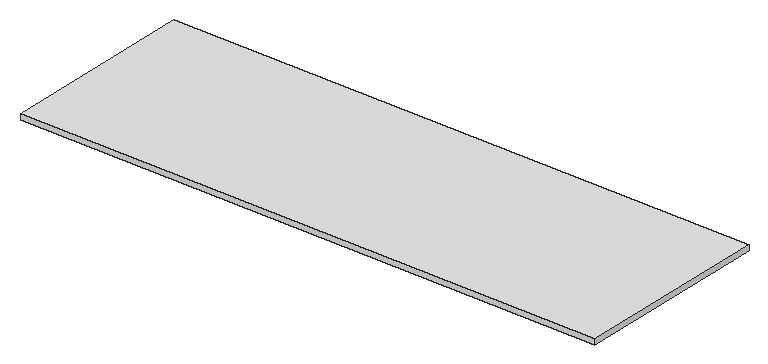
Revit family "5-SHEET-CADS-25-1-1-4-X-4-4-REVIT_Versatex-Generic-Model-1-1-4in-x-48in-SHEET", category Generic Models, host Face, Revit 2026
Family settings
  Host = Face
  Can host rebar = No
  Round Connector Dimension = Use Diameter
  Part Type = Normal
  Cut with Voids When Loaded = No
  Maintain Annotation Orientation = No
  Shared = No
  Room Calculation Point = No
Parameters
  Warranty = "https://versatex.com/warranty/"
  URL = "https://versatex.com/"
  Specification = "https://www.arcat.com/company/versatex-45716/spec?coid=45716"
  Sheet Length [instance] = 12' - 0"
  Sales Information = "https://versatex.com/dealer-locator/"
  Rotation [instance] = 0.00°
  Model = "SHSM01254808"
  Min_Length [instance] = 1' - 0"
  Message Manufacturer = "https://versatex.com/contact/"
  Max_Length [instance] = 20' - 0"
  Material = Versatex PVC - Smooth
  Manufacturer Website = "https://versatex.com/"
  Manufacturer Phone = "724-857-1111"
  Manufacturer Fax = "724-857-1171"
  Manufacturer Address = "400 Steel Street, Aliquippa, PA 15001"
  Manufacturer = "Versatex"
  Literature = "https://versatex.com/literature/?_sft_literature_category=cads"
  Length [instance] = if(Sheet Length < Min_Length, Min_Length, if(Sheet Length > Max_Length, Max_Length, Sheet Length))  # 12' - 0"
  Description = "1-1/4\" X 48\" SHEET"
  Default Elevation = 4' - 0"
  Copyright = "© 2024 VERSATEX Building Products, LLC"
Reference planes (in)
  plane 1 "Center (Front/Back)": y = 0
  plane 2: z = 0
  plane 3 "Center (Left/Right)": x = 0
Forms (in)
  Sweep 1, solid, material "Versatex PVC - Smooth" <- "Material"
    path origin (-24, 0, 0) x (1, 0, 0) y (0, 1, 0)
      loop
        line (-48, 0) -> (96, 0)
    profile "Versatex_Profile_1 1-4” x 48” SHEET : Versatex_Profile_1 1-4” x 48” SHEET" origin (0, 0, 0) x (0, 1, 0) y (0, 0, 1)
      loop
        line (-24, 1.25) -> (-24, 0) -> (24, 0) -> (24, 1.25) -> (-24, 1.25)
Dimensions and locks (in)
  host sketch curve to host sketch curve = 12' - 0"
  "Length": Sweep 1 sketch curve to Sweep 1 sketch curve
  equal spacing: Sweep 1, plane 3 "Center (Left/Right)", Sweep 1, locked at 72 each
  "Rotation": angle plane 1 "Center (Front/Back)" to Sweep 1 sketch curve
  aligned and locked: host face to plane 2
  aligned and locked: host face to level
Automatic sketch dimensions
  host sketch curve to host sketch curve = 30' - 0"
  plane 1 "Center (Front/Back)" to Sweep 1 sketch curve = 0' - 0"
  Sweep 1 sketch curve to plane 3 "Center (Left/Right)" = 6' - 0"
